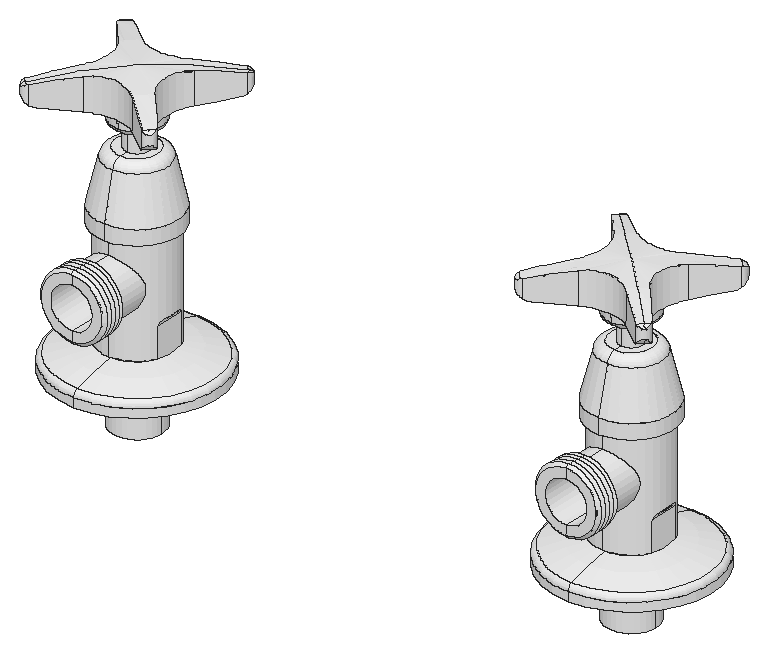
Revit family "Tap-Washing Machine Set-Caroma Elegance II2", category Plumbing Fixtures, host Face, Revit 2013
Parameters (values of type "Standard")
  Waste Connection = no
  Vent Connection = no
  URL = "http://www.caroma.com.au/"
  Type Comments = "Caroma Elegance II Washing Machine Set"  # constant formula
  Model = "631173C"  # constant formula
  Material_ANZRS = Metal-Chrome-Caroma
  Manufacturer = "GWA Bathrooms & Kitchens"  # constant formula
  HWFU = 2  # constant formula
  HW Connection = yes
  Description = ""
  Default Elevation = 900 mm
  CreatedBy_ANZRS = "Design Content"  # constant formula
  CreatedByURL_ANZRS = "www.designcontent.com.au"
  Cost = 0
  Connector Radius = 10 mm
  CWFU = 2  # constant formula
  CW Connection = yes
  Assembly Code = "C1030210"
Reference planes
  plane 1 "Center (Front/Back)": y = 0
  plane 2: z = 0
  plane 3 "Center (Left/Right)": x = 0
  plane 4 "Hot": x = -100
  plane 5 "Cold": x = 100
Forms (mm)
  Extrusion 1, solid, material "Metal-Chrome-Caroma" <- "Material_ANZRS"
    sketch origin (-50, 0, 0) x (1, 0, 0) y (0, 1, 0)
      loop
        circle (-50, 0) r 10
    from -20 to 0
  Extrusion 2, solid, material "Metal-Chrome-Caroma" <- "Material_ANZRS"
    sketch origin (50, 0, 0) x (-1, 0, 0) y (0, -1, 0)
      loop
        circle (-50, 0) r 10
    from -20 to 0
  Revolve 3, solid, material "Metal-Chrome-Caroma" <- "Material_ANZRS"
    sketch origin (-100, -22.904, 1219.2) x (0, 1, 0) y (0, 0, 1)
      loop
        line (32.889, -1127.837) -> (33.347, -1121.276) -> (22.904, -1121.276) -> (22.904, -1219.2) -> (54.869, -1219.2) -> (54.869, -1215.667)
        arc (54.869, -1215.667) -> (54.362, -1214.091) -> (53.032, -1213.107) r 2.702
        arc (53.032, -1213.107) -> (44.526, -1210.733) -> (35.815, -1209.282) r 82.45
        line (35.815, -1209.282) -> (37.362, -1208.353) -> (37.362, -1165.528) -> (39.379, -1165.528) -> (39.379, -1159.528)
        arc (39.379, -1159.528) -> (36.882, -1150.785) -> (35.106, -1141.867) r 111.422
        arc (35.106, -1141.867) -> (33.771, -1139.476) -> (31.203, -1138.528) r 3.952
        line (31.203, -1138.528) -> (27.654, -1138.528) -> (27.654, -1129.231) -> (31.393, -1129.231)
        arc (31.393, -1129.231) -> (32.415, -1128.828) -> (32.889, -1127.837) r 1.499
      axis (22.904, -1219.2) -> (22.904, -1121.276)
    angle from 0 to 360
  Revolve 4, solid, material "Metal-Chrome-Caroma" <- "Material_ANZRS"
    sketch origin (100, 30, 1219.2) x (0, 1, 0) y (0, 0, 1)
      loop
        line (-20.015, -1127.837) -> (-19.556, -1121.276) -> (-30, -1121.276) -> (-30, -1219.2) -> (1.966, -1219.2) -> (1.966, -1215.667)
        arc (1.966, -1215.667) -> (1.459, -1214.091) -> (0.128, -1213.107) r 2.702
        arc (0.128, -1213.107) -> (-8.378, -1210.733) -> (-17.089, -1209.282) r 82.45
        line (-17.089, -1209.282) -> (-15.542, -1208.353) -> (-15.542, -1165.528) -> (-13.524, -1165.528) -> (-13.524, -1159.528)
        arc (-13.524, -1159.528) -> (-16.021, -1150.785) -> (-17.797, -1141.867) r 111.422
        arc (-17.797, -1141.867) -> (-19.133, -1139.476) -> (-21.701, -1138.528) r 3.952
        line (-21.701, -1138.528) -> (-25.25, -1138.528) -> (-25.25, -1129.231) -> (-21.511, -1129.231)
        arc (-21.511, -1129.231) -> (-20.488, -1128.828) -> (-20.015, -1127.837) r 1.499
      axis (-30, -1219.2) -> (-30, -1121.276)
    angle from 0 to 360
  Revolve 5, solid, material "Metal-Chrome-Caroma" <- "Material_ANZRS"
    sketch origin (-50, 50, 43.5) x (-0.707107, -0.707107, 0) y (0, 0, 1)
      loop
        line (70.711, 50.608) -> (70.711, 66.5)
        arc (70.711, 66.5) -> (52.897, 65.564) -> (35.28, 62.767) r 170
        arc (35.28, 62.767) -> (33.687, 61.728) -> (33.203, 59.889) r 2.645
        arc (33.203, 59.889) -> (34.913, 56.303) -> (38.48, 54.551) r 6.049
        line (38.48, 54.551) -> (70.711, 50.608)
      axis (70.711, 50.608) -> (70.711, 66.5)
    angle from 0 to 360
  Extrusion 6, void
    sketch origin (0, 0, 0) x (1, 0, 0) y (0, 1, 0)
      loop
        line (-122.824, -26.357) -> (-109.787, -15.133)
        arc (-109.787, -15.133) -> (-100, -11.5) -> (-90.213, -15.133) r 15
        line (-90.213, -15.133) -> (-77.176, -26.357)
        arc (-77.176, -26.357) -> (-73.77, -26.23) -> (-73.643, -22.824) r 2.505
        line (-73.643, -22.824) -> (-84.867, -9.787)
        arc (-84.867, -9.787) -> (-88.5, 0) -> (-84.867, 9.787) r 15
        line (-84.867, 9.787) -> (-73.643, 22.824)
        arc (-73.643, 22.824) -> (-73.77, 26.23) -> (-77.176, 26.357) r 2.505
        line (-77.176, 26.357) -> (-90.213, 15.133)
        arc (-90.213, 15.133) -> (-100, 11.5) -> (-109.787, 15.133) r 15
        line (-109.787, 15.133) -> (-122.824, 26.357)
        arc (-122.824, 26.357) -> (-126.23, 26.23) -> (-126.357, 22.824) r 2.505
        line (-126.357, 22.824) -> (-115.133, 9.787)
        arc (-115.133, 9.787) -> (-111.5, 0) -> (-115.133, -9.787) r 15
        line (-115.133, -9.787) -> (-126.357, -22.824)
        arc (-126.357, -22.824) -> (-126.23, -26.23) -> (-122.824, -26.357) r 2.505
      loop
        circle (-100, 0) r 44.623
      loop
        arc (122.824, -26.357) -> (126.23, -26.23) -> (126.357, -22.824) r 2.505
        line (126.357, -22.824) -> (115.133, -9.787)
        arc (115.133, -9.787) -> (111.5, 0) -> (115.133, 9.787) r 15
        line (115.133, 9.787) -> (126.357, 22.824)
        arc (126.357, 22.824) -> (126.23, 26.23) -> (122.824, 26.357) r 2.505
        line (122.824, 26.357) -> (109.787, 15.133)
        arc (109.787, 15.133) -> (100, 11.5) -> (90.213, 15.133) r 15
        line (90.213, 15.133) -> (77.176, 26.357)
        arc (77.176, 26.357) -> (73.77, 26.23) -> (73.643, 22.824) r 2.505
        line (73.643, 22.824) -> (84.867, 9.787)
        arc (84.867, 9.787) -> (88.5, 0) -> (84.867, -9.787) r 15
        line (84.867, -9.787) -> (73.643, -22.824)
        arc (73.643, -22.824) -> (73.77, -26.23) -> (77.176, -26.357) r 2.505
        line (77.176, -26.357) -> (90.213, -15.133)
        arc (90.213, -15.133) -> (100, -11.5) -> (109.787, -15.133) r 15
        line (109.787, -15.133) -> (122.824, -26.357)
      loop
        circle (100, 0) r 44.623
    from 50 to 115.734
  Revolve 7, solid, material "Metal-Chrome-Caroma" <- "Material_ANZRS"
    sketch origin (50, 50, 43.5) x (0.707107, -0.707107, 0) y (0, 0, -1)
      loop
        line (70.711, -50.608) -> (38.48, -54.551)
        arc (38.48, -54.551) -> (34.913, -56.303) -> (33.203, -59.889) r 6.049
        arc (33.203, -59.889) -> (33.687, -61.728) -> (35.28, -62.767) r 2.645
        arc (35.28, -62.767) -> (52.897, -65.564) -> (70.711, -66.5) r 170
        line (70.711, -66.5) -> (70.711, -50.608)
      axis (70.711, -50.608) -> (70.711, -66.5)
    angle from 0 to 360
  Revolve 8, solid, material "Metal-Chrome-Caroma" <- "Material_ANZRS"
    sketch origin (100, 30, 1219.2) x (0, 1, 0) y (0, 0, 1)
      loop
        line (-30, -1182.697) -> (-30, -1171.715) -> (-52.166, -1171.715)
        arc (-52.166, -1171.715) -> (-52.667, -1171.58) -> (-53.033, -1171.212) r 1
        line (-53.033, -1171.212) -> (-53.991, -1169.541) -> (-54.829, -1170.694) -> (-55.852, -1169.337) -> (-56.838, -1170.695) -> (-57.862, -1169.337) -> (-58.848, -1170.695) -> (-59.872, -1169.337) -> (-60.859, -1170.696) -> (-61.864, -1169.363) -> (-62.995, -1170.494) -> (-62.995, -1174.363) -> (-45.444, -1174.363) -> (-45.444, -1182.697) -> (-30, -1182.697)
      axis (-30, -1182.697) -> (-62.995, -1182.697)
    angle from 0 to 360
  Revolve 9, solid, material "Metal-Chrome-Caroma" <- "Material_ANZRS"
    sketch origin (-100, -22.904, 1219.2) x (0, 1, 0) y (0, 0, 1)
      loop
        line (22.904, -1182.697) -> (22.904, -1171.715) -> (0.738, -1171.715)
        arc (0.738, -1171.715) -> (0.237, -1171.58) -> (-0.13, -1171.212) r 1
        line (-0.13, -1171.212) -> (-1.088, -1169.541) -> (-1.925, -1170.694) -> (-2.948, -1169.337) -> (-3.935, -1170.695) -> (-4.958, -1169.337) -> (-5.945, -1170.695) -> (-6.968, -1169.337) -> (-7.955, -1170.696) -> (-8.96, -1169.363) -> (-10.092, -1170.494) -> (-10.092, -1174.363) -> (7.459, -1174.363) -> (7.459, -1182.697) -> (22.904, -1182.697)
      axis (22.904, -1182.697) -> (-10.092, -1182.697)
    angle from 0 to 360
  Extrusion 10, void
    sketch origin (0, 0, 0) x (1, 0, 0) y (0, 0, 1)
      loop
        line (-113.1, 9.929) -> (-113.1, 22.792)
        arc (-113.1, 22.792) -> (-113.612, 24.143) -> (-114.89, 24.814) r 2.037
        line (-114.89, 24.814) -> (-114.89, 9.929) -> (-113.1, 9.929)
      loop
        line (-86.9, 9.929) -> (-85.11, 9.929) -> (-85.11, 24.814)
        arc (-85.11, 24.814) -> (-86.388, 24.143) -> (-86.9, 22.792) r 2.037
        line (-86.9, 22.792) -> (-86.9, 9.929)
      loop
        line (113.1, 9.929) -> (114.89, 9.929) -> (114.89, 24.814)
        arc (114.89, 24.814) -> (113.612, 24.143) -> (113.1, 22.792) r 2.037
        line (113.1, 22.792) -> (113.1, 9.929)
      loop
        line (86.9, 9.929) -> (86.9, 22.792)
        arc (86.9, 22.792) -> (86.388, 24.143) -> (85.11, 24.814) r 2.037
        line (85.11, 24.814) -> (85.11, 9.929) -> (86.9, 9.929)
    from -50 to 50
Cuts and joins
  Extrusion 10 cuts Revolve 3
  Extrusion 10 cuts Revolve 4
  Extrusion 6 cuts Revolve 5
  Extrusion 6 cuts Revolve 7
  joined: Revolve 3, Revolve 4, Revolve 5, Revolve 7, Revolve 8, Revolve 9
Lines and regions (mm)
  Masking region 1
    outline origin (0, 0, 0) x (1, 0, 0) y (0, 1, 0)
      loop
        arc (-122.824, 26.357) -> (-126.23, 26.23) -> (-126.357, 22.824) r 2.505
        line (-126.357, 22.824) -> (-124.501, 20.669)
        arc (-124.501, 20.669) -> (-132.055, 0) -> (-124.501, -20.669) r 32.055
        line (-124.501, -20.669) -> (-126.357, -22.824)
        arc (-126.357, -22.824) -> (-126.23, -26.23) -> (-122.824, -26.357) r 2.505
        line (-122.824, -26.357) -> (-120.669, -24.501)
        arc (-120.669, -24.501) -> (-116.672, -27.378) -> (-112.281, -29.609) r 32.055
        line (-112.281, -29.609) -> (-113.344, -30.354) -> (-111.972, -31.35) -> (-113.075, -32.123) -> (-112.203, -32.995) -> (-87.536, -32.995) -> (-87.875, -32.267) -> (-86.615, -31.384) -> (-87.997, -30.38) -> (-86.852, -29.234)
        arc (-86.852, -29.234) -> (-82.927, -27.13) -> (-79.331, -24.501) r 32.055
        line (-79.331, -24.501) -> (-77.176, -26.357)
        arc (-77.176, -26.357) -> (-73.77, -26.23) -> (-73.643, -22.824) r 2.505
        line (-73.643, -22.824) -> (-75.499, -20.669)
        arc (-75.499, -20.669) -> (-67.945, 0) -> (-75.499, 20.669) r 32.055
        line (-75.499, 20.669) -> (-73.643, 22.824)
        arc (-73.643, 22.824) -> (-73.77, 26.23) -> (-77.176, 26.357) r 2.505
        line (-77.176, 26.357) -> (-79.331, 24.501)
        arc (-79.331, 24.501) -> (-100, 32.055) -> (-120.669, 24.501) r 32.055
        line (-120.669, 24.501) -> (-122.824, 26.357)
      loop
        line (122.824, 26.357) -> (120.669, 24.501)
        arc (120.669, 24.501) -> (100, 32.055) -> (79.331, 24.501) r 32.055
        line (79.331, 24.501) -> (77.176, 26.357)
        arc (77.176, 26.357) -> (73.77, 26.23) -> (73.643, 22.824) r 2.505
        line (73.643, 22.824) -> (75.499, 20.669)
        arc (75.499, 20.669) -> (67.945, 0) -> (75.499, -20.669) r 32.055
        line (75.499, -20.669) -> (73.643, -22.824)
        arc (73.643, -22.824) -> (73.77, -26.23) -> (77.176, -26.357) r 2.505
        line (77.176, -26.357) -> (79.331, -24.501)
        arc (79.331, -24.501) -> (82.927, -27.13) -> (86.852, -29.234) r 32.055
        line (86.852, -29.234) -> (87.997, -30.38) -> (86.615, -31.384) -> (87.875, -32.267) -> (87.536, -32.995) -> (112.203, -32.995) -> (113.075, -32.123) -> (111.972, -31.35) -> (113.344, -30.354) -> (112.281, -29.609)
        arc (112.281, -29.609) -> (116.672, -27.378) -> (120.669, -24.501) r 32.055
        line (120.669, -24.501) -> (122.824, -26.357)
        arc (122.824, -26.357) -> (126.23, -26.23) -> (126.357, -22.824) r 2.505
        line (126.357, -22.824) -> (124.501, -20.669)
        arc (124.501, -20.669) -> (132.055, 0) -> (124.501, 20.669) r 32.055
        line (124.501, 20.669) -> (126.357, 22.824)
        arc (126.357, 22.824) -> (126.23, 26.23) -> (122.824, 26.357) r 2.505
  Masking region 2
    outline origin (0, 0, 0) x (0, 1, 0) y (0, 0, 1)
      loop
        line (9.985, 91.363) -> (10.169, 93.994)
        arc (10.169, 93.994) -> (10.691, 95.243) -> (11.864, 95.917) r 2.11
        arc (11.864, 95.917) -> (17.325, 96.983) -> (22.791, 98.02) r 1050.062
        arc (22.791, 98.02) -> (25.592, 99.497) -> (27.066, 102.299) r 5.348
        arc (27.066, 102.299) -> (27.171, 102.963) -> (27.237, 103.632) r 11.849
        arc (27.237, 103.632) -> (26.841, 105.12) -> (25.615, 106.05) r 2.37
        arc (25.615, 106.05) -> (17.624, 108.258) -> (9.456, 109.678) r 85.106
        arc (9.456, 109.678) -> (-0.022, 110.4) -> (-9.5, 109.672) r 62.29
        arc (-9.5, 109.672) -> (-17.645, 108.253) -> (-25.615, 106.05) r 85.106
        arc (-25.615, 106.05) -> (-26.841, 105.12) -> (-27.237, 103.632) r 2.37
        arc (-27.237, 103.632) -> (-27.171, 102.963) -> (-27.066, 102.299) r 11.849
        arc (-27.066, 102.299) -> (-25.592, 99.497) -> (-22.791, 98.02) r 5.348
        arc (-22.791, 98.02) -> (-17.325, 96.983) -> (-11.864, 95.917) r 1050.062
        arc (-11.864, 95.917) -> (-10.691, 95.243) -> (-10.169, 93.994) r 2.11
        line (-10.169, 93.994) -> (-9.985, 91.363)
        arc (-9.985, 91.363) -> (-9.512, 90.372) -> (-8.489, 89.969) r 1.499
        line (-8.489, 89.969) -> (-4.75, 89.969) -> (-4.75, 80.672) -> (-8.299, 80.672)
        arc (-8.299, 80.672) -> (-10.867, 79.724) -> (-12.203, 77.333) r 3.952
        arc (-12.203, 77.333) -> (-13.979, 68.415) -> (-16.476, 59.672) r 111.422
        line (-16.476, 59.672) -> (-16.476, 53.672) -> (-14.458, 53.672) -> (-14.458, 49.485)
        arc (-14.458, 49.485) -> (-15.044, 48.071) -> (-16.458, 47.485) r 2
        line (-16.458, 47.485) -> (-22.166, 47.485)
        arc (-22.166, 47.485) -> (-22.667, 47.62) -> (-23.033, 47.988) r 1
        line (-23.033, 47.988) -> (-23.991, 49.659) -> (-24.829, 48.506) -> (-25.852, 49.863) -> (-26.838, 48.505) -> (-27.862, 49.863) -> (-28.848, 48.505) -> (-29.872, 49.863) -> (-30.859, 48.504) -> (-31.864, 49.837) -> (-32.995, 48.706) -> (-32.995, 24.295) -> (-32.436, 23.735) -> (-31.859, 24.501) -> (-30.872, 23.143) -> (-29.849, 24.501) -> (-28.862, 23.143) -> (-27.839, 24.501) -> (-26.852, 23.143) -> (-25.829, 24.5) -> (-24.991, 23.347) -> (-23.991, 23.347) -> (-23.033, 25.018)
        arc (-23.033, 25.018) -> (-22.667, 25.385) -> (-22.166, 25.52) r 1
        line (-22.166, 25.52) -> (-16.458, 25.52)
        arc (-16.458, 25.52) -> (-15.044, 24.934) -> (-14.458, 23.52) r 2
        line (-14.458, 23.52) -> (-14.458, 10.847) -> (-12.911, 9.918)
        arc (-12.911, 9.918) -> (-21.622, 8.467) -> (-30.128, 6.093) r 82.45
        arc (-30.128, 6.093) -> (-31.459, 5.109) -> (-31.966, 3.533) r 2.702
        line (-31.966, 3.533) -> (-31.966, 0) -> (31.966, 0) -> (31.966, 3.533)
        arc (31.966, 3.533) -> (31.459, 5.109) -> (30.128, 6.093) r 2.702
        arc (30.128, 6.093) -> (21.622, 8.467) -> (12.911, 9.918) r 82.45
        line (12.911, 9.918) -> (14.458, 10.847) -> (14.458, 53.672) -> (16.476, 53.672) -> (16.476, 59.672)
        arc (16.476, 59.672) -> (13.979, 68.415) -> (12.203, 77.333) r 111.422
        arc (12.203, 77.333) -> (10.867, 79.724) -> (8.299, 80.672) r 3.952
        line (8.299, 80.672) -> (4.75, 80.672) -> (4.75, 89.969) -> (8.489, 89.969)
        arc (8.489, 89.969) -> (9.512, 90.372) -> (9.985, 91.363) r 1.499
  Masking region 3
    outline origin (0, 0, 0) x (1, 0, 0) y (0, 0, 1)
      loop
        arc (-109.985, 91.363) -> (-109.512, 90.372) -> (-108.489, 89.969) r 1.499
        line (-108.489, 89.969) -> (-104.75, 89.969) -> (-104.75, 80.672) -> (-108.299, 80.672)
        arc (-108.299, 80.672) -> (-110.867, 79.724) -> (-112.203, 77.333) r 3.952
        arc (-112.203, 77.333) -> (-113.979, 68.415) -> (-116.476, 59.672) r 111.422
        line (-116.476, 59.672) -> (-116.476, 53.672) -> (-114.458, 53.672) -> (-114.458, 25.896)
        arc (-114.458, 25.896) -> (-114.387, 25.071) -> (-113.894, 24.406) r 1.519
        arc (-113.894, 24.406) -> (-113.309, 23.691) -> (-113.1, 22.792) r 2.037
        line (-113.1, 22.792) -> (-113.1, 9.897)
        arc (-113.1, 9.897) -> (-121.715, 8.447) -> (-130.128, 6.093) r 82.45
        arc (-130.128, 6.093) -> (-131.459, 5.109) -> (-131.966, 3.533) r 2.702
        line (-131.966, 3.533) -> (-131.966, 0) -> (-68.034, 0) -> (-68.034, 3.533)
        arc (-68.034, 3.533) -> (-68.541, 5.109) -> (-69.872, 6.093) r 2.702
        arc (-69.872, 6.093) -> (-78.285, 8.447) -> (-86.9, 9.897) r 82.45
        line (-86.9, 9.897) -> (-86.9, 22.792)
        arc (-86.9, 22.792) -> (-86.691, 23.691) -> (-86.106, 24.406) r 2.037
        arc (-86.106, 24.406) -> (-85.613, 25.071) -> (-85.542, 25.896) r 1.519
        line (-85.542, 25.896) -> (-85.542, 53.672) -> (-83.524, 53.672) -> (-83.524, 59.672)
        arc (-83.524, 59.672) -> (-86.021, 68.415) -> (-87.797, 77.333) r 111.422
        arc (-87.797, 77.333) -> (-89.133, 79.724) -> (-91.701, 80.672) r 3.952
        line (-91.701, 80.672) -> (-95.25, 80.672) -> (-95.25, 89.969) -> (-91.511, 89.969)
        arc (-91.511, 89.969) -> (-90.488, 90.372) -> (-90.015, 91.363) r 1.499
        line (-90.015, 91.363) -> (-89.831, 93.994)
        arc (-89.831, 93.994) -> (-89.309, 95.243) -> (-88.136, 95.917) r 2.11
        arc (-88.136, 95.917) -> (-82.675, 96.983) -> (-77.209, 98.02) r 1050.062
        arc (-77.209, 98.02) -> (-74.408, 99.497) -> (-72.934, 102.299) r 5.348
        arc (-72.934, 102.299) -> (-72.829, 102.963) -> (-72.763, 103.632) r 11.849
        arc (-72.763, 103.632) -> (-73.159, 105.12) -> (-74.385, 106.05) r 2.37
        arc (-74.385, 106.05) -> (-82.355, 108.253) -> (-90.5, 109.672) r 85.106
        arc (-90.5, 109.672) -> (-99.978, 110.4) -> (-109.456, 109.678) r 62.29
        arc (-109.456, 109.678) -> (-117.624, 108.258) -> (-125.615, 106.05) r 85.106
        arc (-125.615, 106.05) -> (-126.841, 105.12) -> (-127.237, 103.632) r 2.37
        arc (-127.237, 103.632) -> (-127.171, 102.963) -> (-127.066, 102.299) r 11.849
        arc (-127.066, 102.299) -> (-125.592, 99.497) -> (-122.791, 98.02) r 5.348
        arc (-122.791, 98.02) -> (-117.325, 96.983) -> (-111.864, 95.917) r 1050.062
        arc (-111.864, 95.917) -> (-110.691, 95.243) -> (-110.169, 93.994) r 2.11
        line (-110.169, 93.994) -> (-109.985, 91.363)
      loop
        line (109.985, 91.363) -> (110.169, 93.994)
        arc (110.169, 93.994) -> (110.691, 95.243) -> (111.864, 95.917) r 2.11
        arc (111.864, 95.917) -> (117.325, 96.983) -> (122.791, 98.02) r 1050.062
        arc (122.791, 98.02) -> (125.592, 99.497) -> (127.066, 102.299) r 5.348
        arc (127.066, 102.299) -> (127.171, 102.963) -> (127.237, 103.632) r 11.849
        arc (127.237, 103.632) -> (126.841, 105.12) -> (125.615, 106.05) r 2.37
        arc (125.615, 106.05) -> (117.624, 108.258) -> (109.456, 109.678) r 85.106
        arc (109.456, 109.678) -> (99.978, 110.4) -> (90.5, 109.672) r 62.29
        arc (90.5, 109.672) -> (82.355, 108.253) -> (74.385, 106.05) r 85.106
        arc (74.385, 106.05) -> (73.159, 105.12) -> (72.763, 103.632) r 2.37
        arc (72.763, 103.632) -> (72.829, 102.963) -> (72.934, 102.299) r 11.849
        arc (72.934, 102.299) -> (74.408, 99.497) -> (77.209, 98.02) r 5.348
        arc (77.209, 98.02) -> (82.675, 96.983) -> (88.136, 95.917) r 1050.062
        arc (88.136, 95.917) -> (89.309, 95.243) -> (89.831, 93.994) r 2.11
        line (89.831, 93.994) -> (90.015, 91.363)
        arc (90.015, 91.363) -> (90.488, 90.372) -> (91.511, 89.969) r 1.499
        line (91.511, 89.969) -> (95.25, 89.969) -> (95.25, 80.672) -> (91.701, 80.672)
        arc (91.701, 80.672) -> (89.133, 79.724) -> (87.797, 77.333) r 3.952
        arc (87.797, 77.333) -> (86.021, 68.415) -> (83.524, 59.672) r 111.422
        line (83.524, 59.672) -> (83.524, 53.672) -> (85.542, 53.672) -> (85.542, 25.896)
        arc (85.542, 25.896) -> (85.613, 25.071) -> (86.106, 24.406) r 1.519
        arc (86.106, 24.406) -> (86.691, 23.691) -> (86.9, 22.792) r 2.037
        line (86.9, 22.792) -> (86.9, 9.897)
        arc (86.9, 9.897) -> (78.285, 8.447) -> (69.872, 6.093) r 82.45
        arc (69.872, 6.093) -> (68.541, 5.109) -> (68.034, 3.533) r 2.702
        line (68.034, 3.533) -> (68.034, 0) -> (131.966, 0) -> (131.966, 3.533)
        arc (131.966, 3.533) -> (131.459, 5.109) -> (130.128, 6.093) r 2.702
        arc (130.128, 6.093) -> (121.715, 8.447) -> (113.1, 9.897) r 82.45
        line (113.1, 9.897) -> (113.1, 22.792)
        arc (113.1, 22.792) -> (113.309, 23.691) -> (113.894, 24.406) r 2.037
        arc (113.894, 24.406) -> (114.387, 25.071) -> (114.458, 25.896) r 1.519
        line (114.458, 25.896) -> (114.458, 53.672) -> (116.476, 53.672) -> (116.476, 59.672)
        arc (116.476, 59.672) -> (113.979, 68.415) -> (112.203, 77.333) r 111.422
        arc (112.203, 77.333) -> (110.867, 79.724) -> (108.299, 80.672) r 3.952
        line (108.299, 80.672) -> (104.75, 80.672) -> (104.75, 89.969) -> (108.489, 89.969)
        arc (108.489, 89.969) -> (109.512, 90.372) -> (109.985, 91.363) r 1.499
  symbolic lines
    curve 1: arc (-109.787, 15.133, 0) -> (-100, 11.5, 0) -> (-90.213, 15.133, 0) r 15
    curve 2: line (-122.824, 26.357, 0) -> (-109.787, 15.133, 0)
    curve 3: line (-90.213, 15.133, 0) -> (-77.176, 26.357, 0)
    curve 4: line (-73.643, 22.824, 0) -> (-84.867, 9.787, 0)
    curve 5: arc (-84.867, 9.787, 0) -> (-88.5, 0, 0) -> (-84.867, -9.787, 0) r 15
    curve 6: line (-84.867, -9.787, 0) -> (-73.643, -22.824, 0)
    curve 7: line (-77.176, -26.357, 0) -> (-90.213, -15.133, 0)
    curve 8: arc (-90.213, -15.133, 0) -> (-100, -11.5, 0) -> (-109.787, -15.133, 0) r 15
    curve 9: line (-109.787, -15.133, 0) -> (-122.824, -26.357, 0)
    curve 10: line (-126.357, -22.824, 0) -> (-115.133, -9.787, 0)
    curve 11: arc (-115.133, -9.787, 0) -> (-111.5, 0, 0) -> (-115.133, 9.787, 0) r 15
    curve 12: line (-115.133, 9.787, 0) -> (-126.357, 22.824, 0)
    curve 13: line (90.213, 15.133, 0) -> (77.176, 26.357, 0)
    curve 14: line (73.643, 22.824, 0) -> (84.867, 9.787, 0)
    curve 15: arc (84.867, 9.787, 0) -> (88.5, 0, 0) -> (84.867, -9.787, 0) r 15
    curve 16: line (84.867, -9.787, 0) -> (73.643, -22.824, 0)
    curve 17: line (77.176, -26.357, 0) -> (90.213, -15.133, 0)
    curve 18: arc (90.213, -15.133, 0) -> (100, -11.5, 0) -> (109.787, -15.133, 0) r 15
    curve 19: line (109.787, -15.133, 0) -> (122.824, -26.357, 0)
    curve 20: line (126.357, -22.824, 0) -> (115.133, -9.787, 0)
    curve 21: arc (115.133, -9.787, 0) -> (111.5, 0, 0) -> (115.133, 9.787, 0) r 15
    curve 22: line (115.133, 9.787, 0) -> (126.357, 22.824, 0)
    curve 23: arc (109.787, 15.133, 0) -> (100, 11.5, 0) -> (90.213, 15.133, 0) r 15
    curve 24: line (122.824, 26.357, 0) -> (109.787, 15.133, 0)
    curve 25: line (0, 4.75, 89.969) -> (0, -4.75, 89.969)
    curve 26: line (0, 4.75, 80.672) -> (0, -4.75, 80.672)
    curve 27: line (0, 14.458, 53.672) -> (0, -14.458, 53.672)
    curve 28: line (0, 14.458, 10.847) -> (0, -14.458, 10.847)
    curve 29: line (0, 12.911, 9.918) -> (0, -12.911, 9.918)
    curve 38: line (-104.75, 0, 89.969) -> (-95.25, 0, 89.969)
    curve 39: line (-104.75, 0, 80.672) -> (-95.25, 0, 80.672)
    curve 40: line (-114.458, 0, 53.672) -> (-85.542, 0, 53.672)
    curve 41: line (-113.1, 0, 10.847) -> (-86.9, 0, 10.847)
    curve 42: arc (-113.1, 0, 9.897) -> (-100, 0, 10.358) -> (-86.9, 0, 9.897) r 186.452
    curve 43: line (104.75, 0, 89.969) -> (95.25, 0, 89.969)
    curve 44: line (104.75, 0, 80.672) -> (95.25, 0, 80.672)
    curve 45: line (114.458, 0, 53.672) -> (85.542, 0, 53.672)
    curve 46: line (113.1, 0, 10.847) -> (86.9, 0, 10.847)
    curve 47: arc (113.1, 0, 9.897) -> (100, 0, 10.358) -> (86.9, 0, 9.897) r 186.452
    curve 48: line (-113.344, -30.354, 0) -> (-111.982, -29.4, 0)
    curve 49: line (-113.321, -28.354, 0) -> (-111.982, -29.4, 0)
    curve 50: line (-113.321, -28.354, 0) -> (-111.938, -27.385, 0)
    curve 51: line (-111.938, -27.385, 0) -> (-113.327, -26.3, 0)
    curve 52: line (-113.327, -26.3, 0) -> (-111.984, -25.36, 0)
    curve 53: line (-111.984, -25.36, 0) -> (-113.502, -24.174, 0)
    curve 54: line (-113.502, -24.174, 0) -> (-111.488, -23.011, 0)
    curve 55: line (-110.986, -22.142, 0) -> (-110.986, -16.165, 0)
    curve 56: arc (-111.488, -23.011, 0) -> (-111.12, -22.644, 0) -> (-110.986, -22.142, 0) r 1.004
    curve 57: line (-86.852, -29.234, 0) -> (-88.009, -28.393, 0)
    curve 58: line (-88.009, -28.393, 0) -> (-86.662, -27.34, 0)
    curve 59: line (-86.662, -27.34, 0) -> (-88.015, -26.357, 0)
    curve 60: line (-88.015, -26.357, 0) -> (-86.678, -25.312, 0)
    curve 61: line (-86.678, -25.312, 0) -> (-88.067, -24.375, 0)
    curve 62: line (-88.067, -24.375, 0) -> (-87.262, -23.746, 0)
    curve 63: line (-87.262, -23.746, 0) -> (-88.514, -23.023, 0)
    curve 64: line (-89.014, -22.157, 0) -> (-89.014, -16.165, 0)
    curve 65: arc (-88.514, -23.023, 0) -> (-88.88, -22.657, 0) -> (-89.014, -22.157, 0) r 1
    curve 66: line (113.344, -30.354, 0) -> (111.982, -29.4, 0)
    curve 67: line (113.321, -28.354, 0) -> (111.982, -29.4, 0)
    curve 68: line (113.321, -28.354, 0) -> (111.938, -27.385, 0)
    curve 69: line (111.938, -27.385, 0) -> (113.327, -26.3, 0)
    curve 70: line (113.327, -26.3, 0) -> (111.984, -25.36, 0)
    curve 71: line (111.984, -25.36, 0) -> (113.502, -24.174, 0)
    curve 72: line (113.502, -24.174, 0) -> (111.488, -23.011, 0)
    curve 73: line (110.986, -22.142, 0) -> (110.986, -16.165, 0)
    curve 74: arc (111.488, -23.011, 0) -> (111.12, -22.644, 0) -> (110.986, -22.142, 0) r 1.004
    curve 75: line (86.852, -29.234, 0) -> (88.009, -28.393, 0)
    curve 76: line (88.009, -28.393, 0) -> (86.662, -27.34, 0)
    curve 77: line (86.662, -27.34, 0) -> (88.015, -26.357, 0)
    curve 78: line (88.015, -26.357, 0) -> (86.678, -25.312, 0)
    curve 79: line (86.678, -25.312, 0) -> (88.067, -24.375, 0)
    curve 80: line (88.067, -24.375, 0) -> (87.262, -23.746, 0)
    curve 81: line (87.262, -23.746, 0) -> (88.514, -23.023, 0)
    curve 82: line (89.014, -22.157, 0) -> (89.014, -16.165, 0)
    curve 83: arc (88.514, -23.023, 0) -> (88.88, -22.657, 0) -> (89.014, -22.157, 0) r 1
    curve 84: arc (-114.126, 8.479, 0) -> (-116.476, 0, 0) -> (-114.126, -8.479, 0) r 16.476
    curve 85: arc (-91.521, 14.126, 0) -> (-100, 16.476, 0) -> (-108.479, 14.126, 0) r 16.476
    curve 86: arc (-85.874, -8.479, 0) -> (-83.524, 0, 0) -> (-85.874, 8.479, 0) r 16.476
    curve 87: arc (-108.479, -14.126, 0) -> (-100, -16.476, 0) -> (-91.521, -14.126, 0) r 16.476
    curve 88: arc (114.126, 8.479, 0) -> (116.476, 0, 0) -> (114.126, -8.479, 0) r 16.476
    curve 89: arc (91.521, 14.126, 0) -> (100, 16.476, 0) -> (108.479, 14.126, 0) r 16.476
    curve 90: arc (85.874, -8.479, 0) -> (83.524, 0, 0) -> (85.874, 8.479, 0) r 16.476
    curve 91: arc (108.479, -14.126, 0) -> (100, -16.476, 0) -> (91.521, -14.126, 0) r 16.476
  symbolic lines, detail levels fine
    curve 30: line (0, -23.991, 49.659) -> (0, -24.991, 23.347)
    curve 31: line (0, -24.829, 48.506) -> (0, -25.829, 24.5)
    curve 32: line (0, -25.852, 49.863) -> (0, -26.852, 23.143)
    curve 33: line (0, -26.838, 48.505) -> (0, -27.839, 24.501)
    curve 34: line (0, -27.862, 49.863) -> (0, -28.862, 23.143)
    curve 35: line (0, -28.848, 48.505) -> (0, -29.849, 24.501)
    curve 36: line (0, -29.872, 49.863) -> (0, -30.872, 23.143)
    curve 37: line (0, -30.859, 48.504) -> (0, -31.859, 24.501)
Dimensions and locks
  aligned and locked: plane 2 to host face
  aligned and locked: level to host face
Connectors
  piping at (-100, 0, -20), driven by "Connector Radius", driven by "HWFU"
    settings: on Extrusion 1, index 1, connector radius 0.3937", flow factor 0, pipe flow 0 GPM, pressure drop 0.00 psi, fitting loss kfactor 0, connector angle 0.00°, fixture units 2, engagement length 0 mm, flow configuration 3, flow direction 1, fitting loss method 1, system type 19, joint type 0, gender type 0, connector reference index -1, connector utility 0, adjustable connector no, is connector primary yes, fitting loss table "Inward Projecting Pipe", connector description "Hot"
  piping at (100, 0, -20), driven by "Connector Radius", driven by "CWFU"
    settings: on Extrusion 2, index 2, connector radius 0.3937", flow factor 0, pipe flow 0 GPM, pressure drop 0.00 psi, fitting loss kfactor 0, connector angle 0.00°, fixture units 2, engagement length 0 mm, flow configuration 3, flow direction 1, fitting loss method 1, system type 20, joint type 0, gender type 0, connector reference index -1, connector utility 0, adjustable connector no, is connector primary no, fitting loss table "Inward Projecting Pipe", connector description "Cold Water Inlet"
